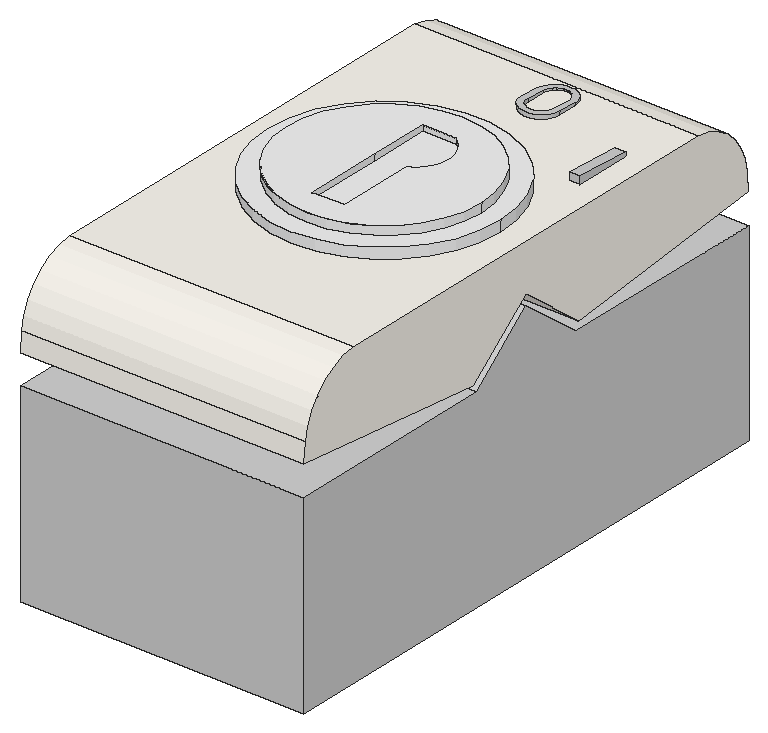
Revit family "Domotics-DomesticRanges-GEWISS-CHORUS_COMMAND-ONE-WAY_SWITCH_KEY", category Apparecchi elettrici, host Superficie, Revit 2016
Family settings
  Host = Superficie
  Mantenere orientamento annotazione = Sì
  Tipo di parte = Normale
  Quota connettore circolare = Usa diametro
  Numero OmniClass = 23.80.50.11.14
  Titolo OmniClass = Switches
  Taglio con vuoti quando caricato = Sì
  Condiviso = Sì
  Punto di calcolo locali = Sì
Parameters (values of type "GW14006 - Titanium")
  pULSANTE = GEWISS TITANIO
  Wiring terminals = "With screw"
  Voltage: = "250 V ac"
  Voltage = "250 V ac"
  Volt = 230 V
  Vista di pianta [instance] = yes
  Version file RFA = "19.0"
  URL = "https://www.gewiss.com/ww/en"
  Type = "With key"
  Tipo_ = CHORUS INTERRUTTORI CHIAVE_BASE : GW14006 - Titanio
  Thermo-pressure with ball = "125 °C"
  Terminal tightening capacity rigid cables (mm2) = "min. 0,5 - max. 2x2,5"
  Terminal tightening capacity flexible cables (mm2) = "min. 0,75 - max. 2x4"
  Terminal grip on cable traction = "> 50 N"
  Technical sheet = "https://www.gewiss.com/ww/en/search?q=GW14006"
  Symbol = "0/1"
  Standard; = "EN 60669-1"
  Simbolo_ = SIMBOLO INTERRUTTORI : INTCHIAVE
  SIMBOLO [instance] = yes
  SEO = "1 way switch"
  Resistance at test voltage = "2000 V at 50 Hz for 1 minute"
  Realized by GEWISS S.p.A. = ""
  Prolonged operation (no.of position changes) = "40.000 at In 250 V ac cosØ=0,6"
  Produttore = "GEWISS S.p.A."
  Offset interruttore [instance] = 0 mm
  Number of poles = "2P"
  No. Chorus modules = "1"
  N. poli = 1
  Modello = "GW14006"
  Larghezza pulsante = 23 mm
  Insulation resistance = "> 5 MOhm"
  IFC.TypeObject = ""
  IFC.ExportType = ""
  IFC.ExportAs = ""
  IDT = "6c00b33e-5c1c-435f-b859-dc2ad0e5119e"
  IDF = "71c5939a-4218-47ad-9853-4a7c84192bc9"
  Glow Wire Test = "850°C"
  Electrocod = "0130"
  EAN code = "8011564265363"
  Distanza_x [instance] = 0 mm
  Distanza_effettiva_x [instance] = 1500 mm - Distanza_x  # 1500 mm
  Ofset_bidimensionale [instance] = 2 mm
  Default Elevation = 1219.2 mm
  Immagine tipo = GW14006.jpg
  Descrizione = "1-WAY SWITCH, 1M 2P 10AX+KEY, TITANIUM"
  Description: = "2P - 10AX"
  Colour = "Titanium"
  Category = "One-way switch"
  Catalogue Range = "CHORUS - DOMESTIC RANGE"
  Catalogue = "DOMOTICS"
  Carico apparente = 0 VA
  COBie.Tagnumber = ""
  COBie.CreatedOn = ""
  COBie.CreatebBy = ""
  COBie.ComponentRegisterItemID = ""
  COBie.Component.TagNumber = ""
  COBie.Component.Space = ""
  COBie.Component.SerialNumber = ""
  COBie.Component.InstallationDate = ""
  COBie.Component.Description = ""
  COBie.Component.BarCode = ""
  Button key = "With key"
  Breaking capacity: = "1.25 In (200 position changes)"
Types (3, lengths in mm): name | pULSANTE | Tipo_ | Technical sheet | Modello | IDT | EAN code | Descrizione | Colour
  GW12006 - Black | GEWISS ACCIAIO NERO | CHORUS INTERRUTTORI CHIAVE_BASE : GW10006 - Bianco | "https://www.gewiss.com/ww/en/search?q=GW12006" | "GW12006" | "1f112e70-cdb2-4d21-ab00-a6a4f7f20c27" | "8011564265288" | "1-WAY SWITCH, 1M 2P 10AX+KEY, BLACK" | "Black"
  GW14006 - Titanium | GEWISS TITANIO | CHORUS INTERRUTTORI CHIAVE_BASE : GW14006 - Titanio | "https://www.gewiss.com/ww/en/search?q=GW14006" | "GW14006" | "6c00b33e-5c1c-435f-b859-dc2ad0e5119e" | "8011564265363" | "1-WAY SWITCH, 1M 2P 10AX+KEY, TITANIUM" | "Titanium"
  GW10006 - White | GEWISS ACCIAIO BIANCO | CHORUS INTERRUTTORI CHIAVE_BASE : GW10006 - Bianco | "https://www.gewiss.com/ww/en/search?q=GW10006" | "GW10006" | "702b5fb2-0bc6-40d7-898e-d88e6108d600" | "8011564261815" | "1-WAY SWITCH, 1M 2P 10AX+KEY, WHITE" | "White"
Reference planes
  plane 1 "Centro (Fronte/Retro)": y = 0
  plane 2: z = 0
  plane 3 "Centro (Sinistra/Destra)": x = 0
  plane 4: z = 0
  plane 5 "piano bidimensionale": z = 28
  plane 6: x = -11.5
  plane 7: x = 11.5
  plane 8: z = 26
  plane 9: x = -1500
  plane 10: x = 0
Lines and regions (mm)
  Masking region 1, visible <- "Vista di pianta"
    outline origin (0, 0, 0) x (1, 0, 0) y (0, 0, 1)
      loop
        line (-11.5, 26) -> (-11.5, 0) -> (11.5, 0) -> (11.5, 26) -> (-11.5, 26)
  Masking region 2, detail levels coarse
    outline origin (0, 0, 0) x (0, 1, 0) y (0, 0, 1)
      loop
        line (-22.5, 0) -> (22.5, 0) -> (22.5, 26) -> (-22.5, 26) -> (-22.5, 0)
  model lines, style "pulsanti", detail levels coarse
    curve 1: line (-11.5, 22.5, 28) -> (11.5, 22.5, 28)
    curve 2: line (-11.5, -22.5, 28) -> (-11.5, 22.5, 28)
    curve 3: line (11.5, -22.5, 28) -> (-11.5, -22.5, 28)
    curve 4: line (11.5, 22.5, 28) -> (11.5, -22.5, 28)
    curve 5: arc (-9.447, 0, 28) -> (0, -9.447, 28) -> (9.447, 0, 28) r 9.447
    curve 6: arc (-7.891, 0, 28) -> (0, -7.891, 28) -> (7.891, 0, 28) r 7.891
    curve 7: arc (7.891, 0, 28) -> (0, 7.891, 28) -> (-7.891, 0, 28) r 7.891
    curve 8: arc (9.447, 0, 28) -> (0, 9.447, 28) -> (-9.447, 0, 28) r 9.447
    curve 9: arc (1.321, 0.666, 28) -> (2.778, 3.111, 28) -> (1.32, 5.555, 28) r 2.778
    curve 10: line (1.32, 5.555, 28) -> (-1.32, 5.555, 28)
    curve 11: line (-1.32, 5.555, 28) -> (-1.32, 0.665, 28)
    curve 12: line (-1.32, 0.665, 28) -> (-1.32, -5.649, 28)
    curve 13: line (1.321, -5.649, 28) -> (1.321, 0.666, 28)
    curve 14: line (-1.32, -5.649, 28) -> (1.321, -5.649, 28)
    curve 29: line (9.076, 12.461, 28) -> (9.076, 8.024, 28)
    curve 30: line (-0.185, 15.781, 28) -> (-0.185, 13.969, 28)
    curve 31: line (2.884, 15.781, 28) -> (2.884, 13.969, 28)
    curve 32: arc (-0.185, 15.781, 28) -> (1.35, 17.316, 28) -> (2.884, 15.781, 28) r 1.534
    curve 33: arc (-0.185, 13.969, 28) -> (1.35, 12.435, 28) -> (2.884, 13.969, 28) r 1.534
  model lines, style "pulsanti", not visible, detail levels coarse
    curve 15: line (-11.5, 22.5, 38.878) -> (11.5, 22.5, 38.878)
    curve 16: line (-11.5, -22.5, 38.878) -> (-11.5, 22.5, 38.878)
    curve 17: line (11.5, -22.5, 38.878) -> (-11.5, -22.5, 38.878)
    curve 18: line (11.5, 22.5, 38.878) -> (11.5, -22.5, 38.878)
    curve 19: arc (-9.447, 0, 38.878) -> (0, -9.447, 38.878) -> (9.447, 0, 38.878) r 9.447
    curve 20: arc (-7.891, 0, 38.878) -> (0, -7.891, 38.878) -> (7.891, 0, 38.878) r 7.891
    curve 21: arc (7.891, 0, 38.878) -> (0, 7.891, 38.878) -> (-7.891, 0, 38.878) r 7.891
    curve 22: arc (9.447, 0, 38.878) -> (0, 9.447, 38.878) -> (-9.447, 0, 38.878) r 9.447
    curve 23: arc (1.321, 0.666, 38.878) -> (2.778, 3.111, 38.878) -> (1.32, 5.555, 38.878) r 2.778
    curve 24: line (1.32, 5.555, 38.878) -> (-1.32, 5.555, 38.878)
    curve 25: line (-1.32, 5.555, 38.878) -> (-1.32, 0.665, 38.878)
    curve 26: line (-1.32, 0.665, 38.878) -> (-1.32, -5.649, 38.878)
    curve 27: line (1.321, -5.649, 38.878) -> (1.321, 0.666, 38.878)
    curve 28: line (-1.32, -5.649, 38.878) -> (1.321, -5.649, 38.878)
    curve 34: line (9.076, 12.461, 38.878) -> (9.076, 8.024, 38.878)
    curve 35: line (-0.185, 15.781, 38.878) -> (-0.185, 13.969, 38.878)
    curve 36: line (2.884, 15.781, 38.878) -> (2.884, 13.969, 38.878)
    curve 37: arc (-0.185, 15.781, 38.878) -> (1.35, 17.316, 38.878) -> (2.884, 15.781, 38.878) r 1.534
    curve 38: arc (-0.185, 13.969, 38.878) -> (1.35, 12.435, 38.878) -> (2.884, 13.969, 38.878) r 1.534
Dimensions and locks
  equal spacing: plane 6, plane 3 "Centro (Sinistra/Destra)", plane 7
  "Larghezza pulsante": plane 6 to plane 7
  locked: plane 8 to plane 4 at 26
  plane 9 to plane 3 "Centro (Sinistra/Destra)" = 1500 mm
  "Distanza_effettiva_x": plane 9 to plane 10
  "Offset interruttore": plane 4 to host face
  "Ofset_bidimensionale": plane 5 "piano bidimensionale" to plane 8
  aligned and locked: plane 2 to host face
  aligned and locked: level to host face
  aligned and locked: plane 5 "piano bidimensionale" to curve 4
  aligned and locked: nested 1 to plane 4
  aligned and locked: Masking region 1 sketch curve to plane 8
  aligned and locked: plane 6 to Masking region 1 sketch curve
  aligned and locked: plane 4 to Masking region 1 sketch curve
  aligned and locked: Masking region 1 sketch curve to nested 1
  aligned and locked: plane 10 to nested 2
  aligned and locked: Masking region 2 sketch curve to nested 1  (x2)
  aligned and locked: Masking region 2 sketch curve to plane 8
  aligned and locked: Masking region 2 sketch curve to plane 4
Automatic sketch dimensions
  host sketch curve to host sketch curve = 2438.4 mm  (x2)
  curve 5 to curve 6 = 0 mm  (x3)
  curve 5 to curve 7 = 0 mm  (x3)
  curve 1 to curve 32 = 6.719 mm
  curve 32 to curve 33 = 1.812 mm
  curve 33 to curve 11 = 8.414 mm
  curve 10 to curve 9 = 2.445 mm
  curve 9 to curve 13 = 2.444 mm
  curve 9 to curve 12 = 0.001 mm
  curve 11 to curve 8 = 0.665 mm
  curve 5 to curve 14 = 5.649 mm
  curve 13 to curve 3 = 16.851 mm
  curve 1 to curve 10 = 10.18 mm
  curve 10 to curve 30 = 1.135 mm
  curve 11 to curve 7 = 1.32 mm
  curve 10 to curve 9 = 1.32 mm
  curve 10 to curve 10 = 2.639 mm
  curve 30 to curve 33 = 1.534 mm
  curve 13 to curve 3 = 10.179 mm
  curve 31 to curve 29 = 1.508 mm
  curve 29 to curve 29 = 4.437 mm
  curve 5 to curve 11 = 8.127 mm
  curve 8 to curve 6 = 1.556 mm
  curve 31 to curve 29 = 6.192 mm
  curve 5 to curve 8 = 0 mm  (x2)
  curve 6 to curve 7 = 0 mm  (x2)
  curve 6 to curve 8 = 0 mm  (x2)
  curve 7 to curve 8 = 0 mm  (x2)
  curve 19 to curve 20 = 0 mm  (x3)
  curve 19 to curve 21 = 0 mm  (x3)
  curve 15 to curve 37 = 6.719 mm
  curve 37 to curve 38 = 1.812 mm
  curve 38 to curve 25 = 8.414 mm
  curve 24 to curve 23 = 2.445 mm
  curve 23 to curve 27 = 2.444 mm
  curve 23 to curve 26 = 0.001 mm
  curve 25 to curve 22 = 0.665 mm
  curve 19 to curve 28 = 5.649 mm
  curve 27 to curve 17 = 16.851 mm
  curve 15 to curve 24 = 10.18 mm
  curve 24 to curve 35 = 1.135 mm
  curve 25 to curve 21 = 1.32 mm
  curve 24 to curve 23 = 1.32 mm
  curve 24 to curve 24 = 2.639 mm
  curve 35 to curve 38 = 1.534 mm
  curve 27 to curve 17 = 10.179 mm
  curve 36 to curve 34 = 1.508 mm
  curve 34 to curve 34 = 4.437 mm
  curve 19 to curve 25 = 8.127 mm
  curve 22 to curve 20 = 1.556 mm
  curve 36 to curve 34 = 6.192 mm
  curve 19 to curve 22 = 0 mm  (x2)
  curve 20 to curve 21 = 0 mm  (x2)
  curve 20 to curve 22 = 0 mm  (x2)
  curve 21 to curve 22 = 0 mm  (x2)
Nested families
  nested 1: "CHORUS INTERRUTTORI CHIAVE_BASE" at (0, 0, 0), type <- "Tipo_", visible <- "Vista di pianta", type "GW14006 - Titanio", detail levels medium+fine
  nested 2: "SIMBOLO INTERRUTTORI" at (0, 50, 0), type <- "Simbolo_", SIMBOLO <- "SIMBOLO", visible <- "SIMBOLO", type "INTCHIAVE"
    with Distanza dal muro 4.208 mm, BORDO ACCESO yes
Connectors
  electrical at (0, 0, 0), driven by "N. poli", driven by "Volt", driven by "Carico apparente"
    settings: on nested 1, index 1, voltage 230 V, apparent load 0 VA, apparent load phase1 0 VA, apparent load phase2 0 VA, apparent load phase3 0 VA, power factor 1, load classification "Other", number of poles 1, system type 31, power factor state 1, is connector primary yes, connector utility no, sub classification motor no, connector description ""
Definition of nested family "CHORUS INTERRUTTORI CHIAVE_BASE"
  Parameters (values of type "GW14006 - Titanio")
    Supporto = none
    Simboli Accensione = none
    Pulsante = none
    Profondità suporto = 15.673 mm
    Larghezza pulsante = 23 mm
    Chiave = none
    Bidimensionale = 36.414 mm
    Altezza pulsante = 45 mm
  Types (3): name
    GW12006 - Nero
    GW14006 - Titanio
    GW10006 - Bianco
  Reference planes
    plane 1 "Centro (Fronte/Retro)": y = 0
    plane 2: z = 0
    plane 3 "Centro (Sinistra/Destra)": x = 0
    plane 4: y = -22.5
    plane 5: y = 22.5
    plane 6: x = -11.5
    plane 7: x = 11.5
    plane 8: z = 15.673
    plane 9 "PIANO BIDIMENSIONALE": z = 36.414
    plane 10: z = 25.218
  Forms (mm)
    Extrusion 1, solid, material <- "Supporto"
      sketch origin (0, 0, 0) x (0, 1, 0) y (0, 0, 1)
        loop
          line (-22.5, 0) -> (22.5, 0) -> (22.5, 15.673) -> (5, 15.673) -> (0, 19.673) -> (-5, 15.673) -> (-22.5, 15.673) -> (-22.5, 0)
      from -11.5 to 11.5
    Extrusion 2, solid, material <- "Pulsante"
      sketch origin (0, -1.516, 0.116) x (0, 0.994522, -0.104528) y (0, 0.104528, 0.994522)
        loop
          line (-22.747, 15.673) -> (-5.514, 15.673) -> (-0.63, 20.499) -> (5.151, 16.793) -> (22.007, 20.376) -> (21.688, 21.878)
          arc (21.688, 21.878) -> (19.794, 24.951) -> (16.382, 26.13) r 5.368
          arc (16.382, 26.13) -> (-1.116, 25.123) -> (-18.441, 22.47) r 185.543
          arc (-18.441, 22.47) -> (-21.533, 20.607) -> (-22.747, 17.207) r 5.368
          line (-22.747, 17.207) -> (-22.747, 15.673)
      from -11.5 to 11.5
    Extrusion 3, solid, material <- "Pulsante", not visible, detail levels medium+fine
      sketch origin (0, 0, 0) x (0, 1, 0) y (0, 0, 1)
        loop
          line (-22.5, 15.673) -> (-5.8, 15.673) -> (0, 20.313) -> (6.657, 17.02) -> (22.519, 20.482) -> (22.148, 22.183)
          arc (22.148, 22.183) -> (19.948, 25.458) -> (16.125, 26.433) r 5.53
          arc (16.125, 26.433) -> (-1.159, 25.53) -> (-18.194, 22.47) r 137.99
          arc (-18.194, 22.47) -> (-21.286, 20.607) -> (-22.5, 17.207) r 5.368
          line (-22.5, 17.207) -> (-22.5, 15.673)
      from -11.5 to 11.5
    Extrusion 4, void, not visible, detail levels medium+fine
      sketch origin (0, 0, 0) x (0, 1, 0) y (0, 0, 1)
        loop
          arc (-20, 19.947) -> (-16.844, 20.738) -> (-13.67, 21.455) r 135.99
          line (-13.67, 21.455) -> (-13.67, 23.499)
          arc (-13.67, 23.499) -> (-15.936, 23.003) -> (-18.194, 22.47) r 137.99
          arc (-18.194, 22.47) -> (-19.13, 22.19) -> (-20, 21.745) r 5.368
          line (-20, 21.745) -> (-20, 19.947)
      from 3.779 to 10.113
    Extrusion 5, solid, material <- "Pulsante", not visible, detail levels medium+fine
      sketch origin (0, -125, 0) x (0, 1, 0) y (0, 0, 1)
        loop
          line (-22.5, 15.673) -> (-5.8, 15.673) -> (0, 20.313) -> (6.657, 17.02) -> (22.519, 20.482) -> (22.148, 22.183)
          arc (22.148, 22.183) -> (19.948, 25.458) -> (16.125, 26.433) r 5.53
          arc (16.125, 26.433) -> (-1.159, 25.53) -> (-18.194, 22.47) r 137.99
          arc (-18.194, 22.47) -> (-21.286, 20.607) -> (-22.5, 17.207) r 5.368
          line (-22.5, 17.207) -> (-22.5, 15.673)
      from -11.5 to 11.5
    Extrusion 6, void, not visible
      sketch origin (0, -125, 0) x (0, 1, 0) y (0, 0, 1)
        loop
          arc (-6.8, 24.76) -> (-12.521, 23.735) -> (-18.194, 22.47) r 137.99
          arc (-18.194, 22.47) -> (-19.13, 22.19) -> (-20, 21.745) r 5.368
          line (-20, 21.745) -> (-20, 19.947)
          arc (-20, 19.947) -> (-13.435, 21.505) -> (-6.8, 22.735) r 135.99
          line (-6.8, 22.735) -> (-6.8, 24.76)
      from 5.4 to 8.1
    Extrusion 7, solid, not visible, detail levels medium+fine
      sketch origin (0, -125, 0) x (0, 1, 0) y (0, 0, 1)
        loop
          arc (-20, 19.947) -> (-13.435, 21.505) -> (-6.8, 22.735) r 135.99
          line (-6.8, 22.735) -> (-6.8, 23.748)
          arc (-6.8, 23.748) -> (-13.434, 22.527) -> (-20, 20.98) r 136.99
          line (-20, 20.98) -> (-20, 19.947)
      from 5.4 to 8.1
    Extrusion 8, solid, material <- "Chiave"
      sketch origin (0, 0, 36.414) x (-1, 0, 0) y (0, -1, 0)
        loop
          circle (0, 0) r 9.447
      from -13.105 to -11.196
    Extrusion 9, solid, material <- "Chiave"
      sketch origin (0, 0, 36.414) x (-1, 0, 0) y (0, -1, 0)
        loop
          circle (0, 0) r 7.891
      from -11.196 to -10.5
    Extrusion 10, void, detail levels medium+fine
      sketch origin (0, 0, 36.414) x (-1, 0, 0) y (0, -1, 0)
        loop
          line (-1.321, 5.649) -> (-1.321, -0.666)
          arc (-1.321, -0.666) -> (-2.778, -3.111) -> (-1.32, -5.555) r 2.778
          line (-1.32, -5.555) -> (1.32, -5.555) -> (1.32, -0.665) -> (1.32, 5.649) -> (-1.321, 5.649)
      from -10.942 to -10.5
    Extrusion 11, solid, material <- "Chiave", not visible
      sketch origin (0, 0, 36.414) x (-1, 0, 0) y (0, -1, 0)
        loop
          circle (0, 0) r 9.447
      from -13.105 to -11.196
    Extrusion 12, solid, material <- "Chiave", not visible
      sketch origin (0, 0, 36.414) x (-1, 0, 0) y (0, -1, 0)
        loop
          circle (0, 0) r 7.891
      from -11.196 to -10.5
    Extrusion 13, void, not visible
      sketch origin (0, 0, 36.414) x (-1, 0, 0) y (0, -1, 0)
        loop
          line (-1.321, 5.649) -> (-1.321, -0.666)
          arc (-1.321, -0.666) -> (-2.778, -3.111) -> (-1.32, -5.555) r 2.778
          line (-1.32, -5.555) -> (1.32, -5.555) -> (1.32, -0.665) -> (1.32, 5.649) -> (-1.321, 5.649)
      from -10.566 to -10
    Extrusion 14, solid, material <- "Simboli Accensione", detail levels medium+fine
      sketch origin (0, 0.707, 37.121) x (-1, 0, 0) y (0, -0.998308, 0.058153)
        loop
          arc (-2.904, -15.677) -> (-1.361, -17.22) -> (0.182, -15.677) r 1.543
          line (0.182, -15.677) -> (0.182, -14.134)
          arc (0.182, -14.134) -> (-1.361, -12.591) -> (-2.904, -14.134) r 1.543
          line (-2.904, -14.134) -> (-2.904, -15.677)
        loop
          line (-0.318, -15.677) -> (-0.318, -14.134)
          arc (-0.318, -14.134) -> (-1.361, -13.091) -> (-2.404, -14.134) r 1.043
          line (-2.404, -14.134) -> (-2.404, -15.677)
          arc (-2.404, -15.677) -> (-1.361, -16.72) -> (-0.318, -15.677) r 1.043
        loop
          line (-9.529, -12.5) -> (-8.686, -12.5) -> (-8.686, -7.93) -> (-9.529, -7.93) -> (-9.529, -12.5)
      from -12.608 to -11.705
  Cuts and joins
    Extrusion 10 cuts Extrusion 9
  Lines and regions (mm)
    Masking region 1, not visible
      outline origin (40.306, 0, 36.414) x (-1, 0, 0) y (0, -1, 0)
        loop
          line (51.806, -22.5) -> (51.806, 22.5) -> (28.806, 22.5) -> (28.806, -22.5) -> (51.806, -22.5)
        loop
          line (34.906, 6.8) -> (34.906, 20) -> (32.206, 20) -> (32.206, 6.8) -> (34.906, 6.8)
    Masking region 2, not visible
      outline origin (40.306, 0, 36.414) x (-1, 0, 0) y (0, -1, 0)
        loop
          line (34.906, 6.8) -> (34.906, 20) -> (32.206, 20) -> (32.206, 6.8) -> (34.906, 6.8)
    Masking region 3, not visible
      outline origin (0, 0, 36.414) x (-1, 0, 0) y (0, -1, 0)
        loop
          line (51.806, -22.5) -> (51.806, 22.5) -> (28.806, 22.5) -> (28.806, -22.5) -> (51.806, -22.5)
        loop
          line (36.528, 13.67) -> (36.528, 20.004) -> (30.193, 20.004) -> (30.193, 13.67) -> (36.528, 13.67)
    Masking region 4, not visible
      outline origin (0, 0, 36.414) x (-1, 0, 0) y (0, -1, 0)
        loop
          line (36.528, 13.67) -> (36.528, 20.004) -> (30.193, 20.004) -> (30.193, 13.67) -> (36.528, 13.67)
    Masking region 5
      outline origin (37.181, 0, 36.414) x (-1, 0, 0) y (0, -1, 0)
        loop
          circle (37.181, 0) r 9.447
        loop
          circle (37.181, 0) r 7.891
    Masking region 6
      outline origin (37.181, 0, 36.414) x (-1, 0, 0) y (0, -1, 0)
        loop
          circle (37.181, 0) r 7.891
        loop
          line (38.501, -0.665) -> (38.501, 5.649) -> (35.86, 5.649) -> (35.86, -0.666)
          arc (35.86, -0.666) -> (34.403, -3.111) -> (35.862, -5.555) r 2.778
          line (35.862, -5.555) -> (38.501, -5.555) -> (38.501, -0.665)
    Masking region 7
      outline origin (37.181, 0, 36.414) x (-1, 0, 0) y (0, -1, 0)
        loop
          line (38.501, -5.555) -> (38.501, -0.665) -> (38.501, 5.649) -> (35.86, 5.649) -> (35.86, -0.666)
          arc (35.86, -0.666) -> (34.403, -3.111) -> (35.862, -5.555) r 2.778
          line (35.862, -5.555) -> (38.501, -5.555)
    Masking region 8
      outline origin (0, 0, 36.414) x (-1, 0, 0) y (0, -1, 0)
        loop
          line (11.5, -22.5) -> (11.5, 22.5) -> (-11.5, 22.5) -> (-11.5, -22.5) -> (11.5, -22.5)
        loop
          circle (0, 0) r 9.447
        loop
          arc (0.182, -14.134) -> (-1.361, -12.591) -> (-2.904, -14.134) r 1.543
          line (-2.904, -14.134) -> (-2.904, -15.677)
          arc (-2.904, -15.677) -> (-1.361, -17.22) -> (0.182, -15.677) r 1.543
          line (0.182, -15.677) -> (0.182, -14.134)
        loop
          arc (-2.404, -15.677) -> (-1.361, -16.72) -> (-0.318, -15.677) r 1.043
          line (-0.318, -15.677) -> (-0.318, -14.134)
          arc (-0.318, -14.134) -> (-1.361, -13.091) -> (-2.404, -14.134) r 1.043
          line (-2.404, -14.134) -> (-2.404, -15.677)
        loop
          line (-8.686, -12.5) -> (-8.686, -7.93) -> (-9.529, -7.93) -> (-9.529, -12.5) -> (-8.686, -12.5)
    Masking region 9
      outline origin (0, 0, 36.414) x (-1, 0, 0) y (0, -1, 0)
        loop
          line (0.182, -15.677) -> (0.182, -14.134)
          arc (0.182, -14.134) -> (-1.361, -12.591) -> (-2.904, -14.134) r 1.543
          line (-2.904, -14.134) -> (-2.904, -15.677)
          arc (-2.904, -15.677) -> (-1.361, -17.22) -> (0.182, -15.677) r 1.543
        loop
          arc (-0.318, -14.134) -> (-1.361, -13.091) -> (-2.404, -14.134) r 1.043
          line (-2.404, -14.134) -> (-2.404, -15.677)
          arc (-2.404, -15.677) -> (-1.361, -16.72) -> (-0.318, -15.677) r 1.043
          line (-0.318, -15.677) -> (-0.318, -14.134)
        loop
          line (-8.686, -12.5) -> (-8.686, -7.93) -> (-9.529, -7.93) -> (-9.529, -12.5) -> (-8.686, -12.5)
  Dimensions and locks
    equal spacing: plane 4, plane 1 "Centro (Fronte/Retro)", plane 5
    plane 4 to plane 5 = 45 mm
    equal spacing: plane 6, plane 3 "Centro (Sinistra/Destra)", plane 7
    "Larghezza pulsante": plane 6 to plane 7
    equal spacing: plane 5, plane 1 "Centro (Fronte/Retro)", plane 4
    "Altezza pulsante": plane 5 to plane 4
    "Profondità suporto": plane 8 to plane 2
    "Bidimensionale": plane 9 "PIANO BIDIMENSIONALE" to level
    aligned and locked: level to plane 2
    aligned and locked: Extrusion 1 sketch curve to plane 4
    aligned and locked: plane 5 to Extrusion 1 sketch curve
    aligned and locked: Extrusion 1 sketch curve to plane 2
    aligned and locked: Extrusion 1 to plane 6
    aligned and locked: plane 7 to Extrusion 1
    aligned and locked: Masking region 8 sketch curve to Extrusion 1  (x4)
    aligned and locked: Extrusion 8 to plane 10
    aligned and locked: Extrusion 9 to Extrusion 8
    aligned and locked: Extrusion 9 to Extrusion 10
  Automatic sketch dimensions
    Masking region 1 sketch curve to Masking region 1 sketch curve = 3.4 mm
    Masking region 1 sketch curve to Masking region 1 sketch curve = 2.7 mm
    Masking region 2 sketch curve to Masking region 2 sketch curve = 2.7 mm
    Masking region 1 sketch curve to Masking region 1 sketch curve = 23 mm
    Masking region 1 sketch curve to Masking region 1 sketch curve = 29.3 mm
    Masking region 1 sketch curve to Masking region 1 sketch curve = 13.2 mm
    Masking region 1 sketch curve to Masking region 1 sketch curve = 2.5 mm
    Masking region 2 sketch curve to Masking region 2 sketch curve = 13.2 mm
    Masking region 3 sketch curve to Masking region 3 sketch curve = 1.387 mm
    Masking region 3 sketch curve to Masking region 3 sketch curve = 6.335 mm  (x2)
    Masking region 3 sketch curve to Masking region 3 sketch curve = 23 mm
    Masking region 4 sketch curve to Masking region 4 sketch curve = 6.335 mm  (x2)
    Masking region 3 sketch curve to Masking region 3 sketch curve = 36.17 mm
    Masking region 3 sketch curve to Masking region 3 sketch curve = 2.496 mm
    plane 8 to Extrusion 1 sketch curve = 0 mm  (x2)
    Extrusion 1 sketch curve to plane 1 "Centro (Fronte/Retro)" = 0 mm
    Extrusion 1 sketch curve to plane 1 "Centro (Fronte/Retro)" = 5 mm
    Extrusion 1 sketch curve to plane 8 = 4 mm
    Extrusion 3 sketch curve to Extrusion 3 sketch curve = 1.243 mm
    Extrusion 4 sketch curve to Extrusion 4 sketch curve = 1.754 mm
    Extrusion 4 sketch curve to Extrusion 4 sketch curve = 0 mm  (x4)
    Extrusion 3 sketch curve to Extrusion 3 sketch curve = 5.368 mm
    Extrusion 3 sketch curve to Extrusion 3 sketch curve = 11.331 mm
    Extrusion 3 sketch curve to Extrusion 3 sketch curve = 5.8 mm
    Extrusion 3 sketch curve to Extrusion 3 sketch curve = 6.657 mm
    Extrusion 3 sketch curve to Extrusion 3 sketch curve = 8.016 mm
    Extrusion 3 sketch curve to Extrusion 3 sketch curve = 10.103 mm
    Extrusion 3 sketch curve to Extrusion 3 sketch curve = 5.388 mm
    Extrusion 3 sketch curve to Extrusion 3 sketch curve = 0.371 mm
    Extrusion 3 sketch curve to Extrusion 3 sketch curve = 127.222 mm
    Extrusion 3 sketch curve to Extrusion 3 sketch curve = 1.347 mm
    Extrusion 3 sketch curve to Extrusion 3 sketch curve = 1.535 mm
    Extrusion 3 sketch curve to Extrusion 3 sketch curve = 3.293 mm
    Extrusion 3 sketch curve to Extrusion 3 sketch curve = 3.462 mm
    Extrusion 3 sketch curve to Extrusion 3 sketch curve = 1.062 mm
    Extrusion 4 sketch curve to Extrusion 4 sketch curve = 2.868 mm
    Extrusion 4 sketch curve to Extrusion 4 sketch curve = 6.33 mm
    Extrusion 4 sketch curve to Extrusion 4 sketch curve = 31.805 mm
    Extrusion 4 sketch curve to Extrusion 4 sketch curve = 128.756 mm
    Extrusion 4 sketch curve to Extrusion 4 sketch curve = 2.739 mm
    Extrusion 4 sketch curve to Extrusion 4 sketch curve = 1.799 mm
    Extrusion 5 sketch curve to Extrusion 5 sketch curve = 1.243 mm
    Extrusion 7 sketch curve to Extrusion 7 sketch curve = 1.013 mm
    Extrusion 7 sketch curve to Extrusion 7 sketch curve = 0 mm  (x4)
    Extrusion 5 sketch curve to Extrusion 5 sketch curve = 5.368 mm
    Extrusion 5 sketch curve to Extrusion 5 sketch curve = 11.331 mm
    Extrusion 5 sketch curve to Extrusion 5 sketch curve = 5.8 mm
    Extrusion 5 sketch curve to Extrusion 5 sketch curve = 6.657 mm
    Extrusion 5 sketch curve to Extrusion 5 sketch curve = 8.016 mm
    Extrusion 5 sketch curve to Extrusion 5 sketch curve = 10.103 mm
    Extrusion 5 sketch curve to Extrusion 5 sketch curve = 5.388 mm
    Extrusion 5 sketch curve to Extrusion 5 sketch curve = 0.371 mm
    Extrusion 5 sketch curve to Extrusion 5 sketch curve = 127.222 mm
    Extrusion 5 sketch curve to Extrusion 5 sketch curve = 1.347 mm
    Extrusion 5 sketch curve to Extrusion 5 sketch curve = 1.535 mm
    Extrusion 5 sketch curve to Extrusion 5 sketch curve = 3.293 mm
    Extrusion 5 sketch curve to Extrusion 5 sketch curve = 3.462 mm
    Extrusion 5 sketch curve to Extrusion 5 sketch curve = 1.062 mm
    Extrusion 7 sketch curve to Extrusion 7 sketch curve = 13.2 mm
    Extrusion 7 sketch curve to Extrusion 7 sketch curve = 34.673 mm
    Extrusion 7 sketch curve to Extrusion 7 sketch curve = 131.496 mm
    Extrusion 6 sketch curve to Extrusion 6 sketch curve = 0 mm  (x4)
    Extrusion 6 sketch curve to Extrusion 6 sketch curve = 2.739 mm
    Extrusion 6 sketch curve to Extrusion 6 sketch curve = 1.799 mm
    Extrusion 6 sketch curve to Extrusion 6 sketch curve = 2.025 mm
    Extrusion 6 sketch curve to Extrusion 6 sketch curve = 2.868 mm
    Extrusion 6 sketch curve to Extrusion 6 sketch curve = 10.332 mm
    Extrusion 6 sketch curve to Extrusion 6 sketch curve = 31.805 mm
    Extrusion 6 sketch curve to Extrusion 6 sketch curve = 128.756 mm
    plane 1 "Centro (Fronte/Retro)" to Extrusion 1 sketch curve = 5 mm
    Extrusion 2 sketch curve to plane 4 = 0 mm
    Extrusion 2 sketch curve to plane 1 "Centro (Fronte/Retro)" = 0 mm  (x2)
    Extrusion 2 sketch curve to plane 5 = 0 mm
    Extrusion 2 sketch curve to plane 8 = 2.408 mm
    Extrusion 2 sketch curve to Extrusion 2 sketch curve = 5.368 mm
    Extrusion 2 sketch curve to Extrusion 2 sketch curve = 4.884 mm
    Extrusion 2 sketch curve to Extrusion 2 sketch curve = 5.781 mm
    Extrusion 2 sketch curve to Extrusion 2 sketch curve = 5.251 mm
    Extrusion 2 sketch curve to Extrusion 2 sketch curve = 0.319 mm
    Extrusion 2 sketch curve to Extrusion 2 sketch curve = 3.706 mm
    Extrusion 2 sketch curve to Extrusion 2 sketch curve = 1.535 mm
    Extrusion 2 sketch curve to Extrusion 2 sketch curve = 1.116 mm
    Extrusion 2 sketch curve to Extrusion 2 sketch curve = 1.062 mm
    Extrusion 2 sketch curve to Extrusion 2 sketch curve = 0.055 mm
    Extrusion 2 sketch curve to Extrusion 2 sketch curve = 0 mm  (x2)
    plane 1 "Centro (Fronte/Retro)" to Masking region 6 sketch curve = 0 mm
    plane 6 to Masking region 6 sketch curve = 11.5 mm
    Masking region 6 sketch curve to Masking region 6 sketch curve = 7.891 mm
    Masking region 6 sketch curve to plane 1 "Centro (Fronte/Retro)" = 0.665 mm
    Masking region 6 sketch curve to Masking region 6 sketch curve = 1.32 mm  (x2)
    plane 1 "Centro (Fronte/Retro)" to Masking region 6 sketch curve = 5.649 mm
    Masking region 6 sketch curve to Masking region 6 sketch curve = 2.639 mm
    Masking region 6 sketch curve to Masking region 6 sketch curve = 2.445 mm
    Masking region 6 sketch curve to plane 1 "Centro (Fronte/Retro)" = 0.666 mm
    Masking region 6 sketch curve to Masking region 6 sketch curve = 2.641 mm
    Masking region 7 sketch curve to plane 1 "Centro (Fronte/Retro)" = 5.555 mm
    plane 6 to Masking region 7 sketch curve = 10.18 mm
    Masking region 7 sketch curve to Masking region 7 sketch curve = 2.639 mm
    Masking region 7 sketch curve to plane 1 "Centro (Fronte/Retro)" = 0.665 mm
    plane 1 "Centro (Fronte/Retro)" to Masking region 7 sketch curve = 5.649 mm
    Masking region 7 sketch curve to Masking region 7 sketch curve = 2.641 mm
    Masking region 7 sketch curve to plane 1 "Centro (Fronte/Retro)" = 0.666 mm
    Masking region 7 sketch curve to Masking region 7 sketch curve = 1.32 mm
    Extrusion 10 sketch curve to Extrusion 10 sketch curve = 2.444 mm
    Extrusion 8 sketch curve to Extrusion 8 sketch curve = 9.447 mm
    Extrusion 9 sketch curve to Extrusion 9 sketch curve = 7.891 mm
    Extrusion 10 sketch curve to Extrusion 10 sketch curve = 0.002 mm
    Extrusion 10 sketch curve to Extrusion 10 sketch curve = 1.32 mm
    Extrusion 10 sketch curve to Extrusion 10 sketch curve = 2.639 mm
    Extrusion 10 sketch curve to Extrusion 10 sketch curve = 0.001 mm
    Extrusion 10 sketch curve to Extrusion 10 sketch curve = 6.315 mm
    Extrusion 13 sketch curve to Extrusion 13 sketch curve = 2.444 mm
    Extrusion 11 sketch curve to Extrusion 11 sketch curve = 9.447 mm
    Extrusion 12 sketch curve to Extrusion 12 sketch curve = 7.891 mm
    Extrusion 13 sketch curve to Extrusion 13 sketch curve = 0.002 mm
    Extrusion 13 sketch curve to Extrusion 13 sketch curve = 1.32 mm
    Extrusion 13 sketch curve to Extrusion 13 sketch curve = 2.639 mm
    Extrusion 13 sketch curve to Extrusion 13 sketch curve = 0.001 mm
    Extrusion 13 sketch curve to Extrusion 13 sketch curve = 6.315 mm
    Extrusion 8 sketch curve to Extrusion 8 sketch curve = 0 mm  (x2)
    plane 1 "Centro (Fronte/Retro)" to Extrusion 8 sketch curve = 0 mm
    Extrusion 8 sketch curve to plane 3 "Centro (Sinistra/Destra)" = 0 mm
    Extrusion 9 sketch curve to Extrusion 9 sketch curve = 0 mm  (x2)
    plane 1 "Centro (Fronte/Retro)" to Extrusion 9 sketch curve = 0 mm
    Extrusion 9 sketch curve to plane 3 "Centro (Sinistra/Destra)" = 0 mm
    Extrusion 10 sketch curve to plane 3 "Centro (Sinistra/Destra)" = 0 mm
    Extrusion 10 sketch curve to plane 1 "Centro (Fronte/Retro)" = 5.555 mm
    Extrusion 11 sketch curve to Extrusion 11 sketch curve = 0 mm  (x2)
    Extrusion 12 sketch curve to Extrusion 12 sketch curve = 0 mm  (x2)
    Masking region 9 sketch curve to plane 3 "Centro (Sinistra/Destra)" = 0.182 mm
    Masking region 9 sketch curve to plane 5 = 6.823 mm
    Masking region 9 sketch curve to Masking region 9 sketch curve = 1.543 mm
    plane 3 "Centro (Sinistra/Destra)" to Masking region 9 sketch curve = 1.361 mm
    Masking region 9 sketch curve to Masking region 9 sketch curve = 0 mm  (x3)
    plane 3 "Centro (Sinistra/Destra)" to Masking region 9 sketch curve = 0.318 mm
    Masking region 8 sketch curve to Masking region 8 sketch curve = 0 mm  (x3)
    plane 1 "Centro (Fronte/Retro)" to Masking region 8 sketch curve = 0 mm
    Masking region 8 sketch curve to plane 3 "Centro (Sinistra/Destra)" = 0 mm
    Masking region 8 sketch curve to plane 7 = 1.971 mm
    Masking region 8 sketch curve to Masking region 8 sketch curve = 0.844 mm
    plane 3 "Centro (Sinistra/Destra)" to Masking region 8 sketch curve = 2.904 mm
    Masking region 8 sketch curve to Masking region 8 sketch curve = 0.5 mm
    Masking region 8 sketch curve to Masking region 8 sketch curve = 1.043 mm
    Masking region 8 sketch curve to plane 5 = 6.823 mm
    Masking region 8 sketch curve to Masking region 8 sketch curve = 1.543 mm
    Masking region 8 sketch curve to plane 1 "Centro (Fronte/Retro)" = 7.93 mm
    Masking region 8 sketch curve to plane 7 = 2.053 mm
    Masking region 8 sketch curve to Masking region 8 sketch curve = 4.57 mm
    Masking region 9 sketch curve to plane 7 = 2.814 mm
    Masking region 9 sketch curve to Masking region 9 sketch curve = 1.634 mm
    Masking region 9 sketch curve to Masking region 9 sketch curve = 0.844 mm
    Masking region 9 sketch curve to Masking region 9 sketch curve = 4.57 mm
    Extrusion 14 sketch curve to Extrusion 14 sketch curve = 0 mm  (x4)
    Extrusion 14 sketch curve to plane 7 = 1.971 mm
    Extrusion 14 sketch curve to Extrusion 14 sketch curve = 0.844 mm
    plane 3 "Centro (Sinistra/Destra)" to Extrusion 14 sketch curve = 2.904 mm
    Extrusion 14 sketch curve to Extrusion 14 sketch curve = 0.5 mm
    Extrusion 14 sketch curve to Extrusion 14 sketch curve = 1.043 mm
    Extrusion 14 sketch curve to Extrusion 14 sketch curve = 1.543 mm
    Extrusion 14 sketch curve to Extrusion 14 sketch curve = 1.634 mm
    Extrusion 14 sketch curve to Extrusion 14 sketch curve = 4.57 mm
Definition of nested family "SIMBOLO INTERRUTTORI"
  Parameters (values of type "RELE PP")
    TIPO SIMBOLO = SIMBOLO INTERRUTTORI_BASE : RELE PP
    SIMBOLO [instance] = yes
    Distanza dal muro [instance] = 4.208 mm
    BORDO ACCESO [instance] = yes
  Types (8, lengths in mm): name | TIPO SIMBOLO
    INT1P | SIMBOLO INTERRUTTORI_BASE : INT1P
    INT1PLUM | SIMBOLO INTERRUTTORI_BASE : INT1PLUM
    INT2P | SIMBOLO INTERRUTTORI_BASE : INT2P
    INT2PLUM | SIMBOLO INTERRUTTORI_BASE : INT2PLUM
    INTCHIAVE | SIMBOLO INTERRUTTORI_BASE : INTCHIAVE
    RELE | SIMBOLO INTERRUTTORI_BASE : RELE
    RELE M | SIMBOLO INTERRUTTORI_BASE : RELE M
    RELE PP | SIMBOLO INTERRUTTORI_BASE : RELE PP
  Reference planes
    plane 1: y = 0
    plane 2: x = 0
  Lines and regions (mm)
    detail lines, visible <- "BORDO ACCESO", not visible
      curve 1: line (-2.25, 0.412, 0) -> (2.25, 0.412, 0)
      curve 2: line (2.25, 0.412, 0) -> (2.25, -5.588, 0)
      curve 3: line (2.25, -5.588, 0) -> (-2.25, -5.588, 0)
      curve 4: line (-2.25, -5.588, 0) -> (-2.25, 0.412, 0)
      curve 30: line (-1.85, 0.012, 0) -> (1.85, 0.012, 0)
      curve 31: line (1.85, 0.012, 0) -> (1.85, -5.188, 0)
      curve 32: line (1.85, -5.188, 0) -> (-1.85, -5.188, 0)
      curve 33: line (-1.85, -5.188, 0) -> (-1.85, 0.012, 0)
      curve 34: line (-2.25, 6, 0) -> (2.25, 6, 0)
      curve 35: line (2.25, 6, 0) -> (2.25, 0, 0)
      curve 36: line (2.25, 0, 0) -> (-2.25, 0, 0)
      curve 37: line (-2.25, 0, 0) -> (-2.25, 6, 0)
      curve 61: line (-1.85, 5.6, 0) -> (1.85, 5.6, 0)
      curve 62: line (1.85, 5.6, 0) -> (1.85, 0.4, 0)
      curve 63: line (1.85, 0.4, 0) -> (-1.85, 0.4, 0)
      curve 64: line (-1.85, 0.4, 0) -> (-1.85, 5.6, 0)
    detail lines, not visible
      curve 5: line (-9.473, -5.588, 0) -> (10.527, -5.588, 0)
      curve 6: circle (-0.56, -0.487, 0) r 0.969 normal (0, 0, 1)
      curve 7: line (-0.005, 0.306, 0) -> (0.852, 1.529, 0)
      curve 8: line (0.852, 1.529, 0) -> (1.529, 1.047, 0)
      curve 9: circle (-0.56, -315.487, 0) r 0.969 normal (0, 0, 1)
      curve 10: line (-0.005, -314.694, 0) -> (0.852, -313.471, 0)
      curve 11: line (0.852, -313.471, 0) -> (1.529, -313.953, 0)
      curve 12: line (-1.245, -314.803, 0) -> (0.124, -316.172, 0)
      curve 13: line (0.124, -314.803, 0) -> (-1.245, -316.172, 0)
      curve 14: circle (-0.56, -480.487, 0) r 0.969 normal (0, 0, 1)
      curve 15: line (-0.005, -479.694, 0) -> (0.852, -478.471, 0)
      curve 16: line (0.852, -478.471, 0) -> (1.529, -478.953, 0)
      curve 17: line (0.493, -478.983, 0) -> (1.167, -479.462, 0)
      curve 18: circle (-0.56, -880.487, 0) r 0.969 normal (0, 0, 1)
      curve 19: line (-0.005, -879.694, 0) -> (0.852, -878.471, 0)
      curve 20: line (0.852, -878.471, 0) -> (1.529, -878.953, 0)
      curve 21: line (-1.245, -879.803, 0) -> (0.124, -881.172, 0)
      curve 22: line (0.124, -879.803, 0) -> (-1.245, -881.172, 0)
      curve 23: line (0.493, -878.983, 0) -> (1.167, -879.462, 0)
      curve 24: circle (-0.56, -365.487, 0) r 0.969 normal (0, 0, 1)
      curve 25: line (-0.005, -364.694, 0) -> (0.852, -363.471, 0)
      curve 26: line (0.852, -363.471, 0) -> (1.529, -363.953, 0)
      curve 27: line (-0.56, -364.925, 0) -> (-0.56, -366.05, 0)
      curve 28: line (0.493, -363.983, 0) -> (1.167, -364.462, 0)
      curve 29: line (0, 3.621, 0) -> (0, -16.379, 0)
      curve 38: circle (-0.56, 2.417, 0) r 0.969 normal (0, 0, 1)
      curve 39: line (-0.005, 3.21, 0) -> (0.852, 4.433, 0)
      curve 40: line (0.852, 4.433, 0) -> (1.529, 3.951, 0)
      curve 41: circle (-0.56, 2.417, 0) r 0.969 normal (0, 0, 1)
      curve 42: line (-0.005, 3.21, 0) -> (0.852, 4.433, 0)
      curve 43: line (0.852, 4.433, 0) -> (1.529, 3.951, 0)
      curve 44: line (-1.245, 3.102, 0) -> (0.124, 1.732, 0)
      curve 45: line (0.124, 3.102, 0) -> (-1.245, 1.732, 0)
      curve 46: circle (-0.56, 2.417, 0) r 0.969 normal (0, 0, 1)
      curve 47: line (-0.005, 3.21, 0) -> (0.852, 4.433, 0)
      curve 48: line (0.852, 4.433, 0) -> (1.529, 3.951, 0)
      curve 49: circle (-0.56, 2.417, 0) r 0.969 normal (0, 0, 1)
      curve 50: line (-0.005, 3.21, 0) -> (0.852, 4.433, 0)
      curve 51: line (0.852, 4.433, 0) -> (1.529, 3.951, 0)
      curve 52: line (-1.245, 3.102, 0) -> (0.124, 1.732, 0)
      curve 53: line (0.124, 3.102, 0) -> (-1.245, 1.732, 0)
      curve 54: line (0.493, 3.921, 0) -> (1.167, 3.442, 0)
      curve 55: line (0.493, 3.921, 0) -> (1.167, 3.442, 0)
      curve 56: circle (-0.56, 2.417, 0) r 0.969 normal (0, 0, 1)
      curve 57: line (-0.005, 3.21, 0) -> (0.852, 4.433, 0)
      curve 58: line (0.852, 4.433, 0) -> (1.529, 3.951, 0)
      curve 59: line (-0.56, 2.979, 0) -> (-0.56, 1.854, 0)
      curve 60: line (0.493, 3.921, 0) -> (1.167, 3.442, 0)
  Dimensions and locks
    aligned and locked: curve 5 to curve 3
    aligned and locked: plane 2 to nested 1
    aligned and locked: plane 1 to nested 1
  Nested families
    nested 1: "SIMBOLO INTERRUTTORI_BASE" at (0, 0, 0), type <- "TIPO SIMBOLO", BORDO ACCESO <- "BORDO ACCESO", visible <- "SIMBOLO", type "RELE PP"
      with BORDO ACCESO yes
  Definition of nested family "SIMBOLO INTERRUTTORI_BASE"
    Parameters (values of type "RELE PP")
      RELE PP = yes
      RELE M = no
      RELE = yes
      INTCHIAVE = no
      INT2PLUM = no
      INT2P = no
      INT1PLUM = no
      INT1P = no
      Distanza dal muro = 4.208 mm
      BORDO ACCESO [instance] = yes
    Types (8, lengths in mm): name | RELE PP | RELE M | RELE | INTCHIAVE | INT2PLUM | INT2P | INT1PLUM | INT1P
      INT1P | no | no | no | no | no | no | no | yes
      INT1PLUM | no | no | no | no | no | no | yes | no
      INT2P | no | no | no | no | no | yes | no | no
      INT2PLUM | no | no | no | no | yes | no | no | no
      INTCHIAVE | no | no | no | yes | no | no | no | no
      RELE | no | no | yes | no | no | no | no | no
      RELE M | no | yes | yes | no | no | no | no | no
      RELE PP | yes | no | yes | no | no | no | no | no
    Reference planes
      plane 1: y = 0
      plane 2: x = 0
    Lines and regions (mm)
      detail lines, visible <- "BORDO ACCESO", not visible
        curve 1: line (-2.25, 0.412, 0) -> (2.25, 0.412, 0)
        curve 2: line (2.25, 0.412, 0) -> (2.25, -5.588, 0)
        curve 3: line (2.25, -5.588, 0) -> (-2.25, -5.588, 0)
        curve 4: line (-2.25, -5.588, 0) -> (-2.25, 0.412, 0)
        curve 53: line (-1.85, 0.012, 0) -> (1.85, 0.012, 0)
        curve 54: line (1.85, 0.012, 0) -> (1.85, -5.188, 0)
        curve 55: line (1.85, -5.188, 0) -> (-1.85, -5.188, 0)
        curve 56: line (-1.85, -5.188, 0) -> (-1.85, 0.012, 0)
        curve 57: line (-2.25, 6, 0) -> (2.25, 6, 0)
        curve 58: line (2.25, 6, 0) -> (2.25, 0, 0)
        curve 59: line (2.25, 0, 0) -> (-2.25, 0, 0)
        curve 60: line (-2.25, 0, 0) -> (-2.25, 6, 0)
        curve 84: line (-1.85, 5.6, 0) -> (1.85, 5.6, 0)
        curve 85: line (1.85, 5.6, 0) -> (1.85, 0.4, 0)
        curve 86: line (1.85, 0.4, 0) -> (-1.85, 0.4, 0)
        curve 87: line (-1.85, 0.4, 0) -> (-1.85, 5.6, 0)
      detail lines, not visible
        curve 5: line (-9.473, -5.588, 0) -> (10.527, -5.588, 0)
        curve 52: line (0, 3.621, 0) -> (0, -16.379, 0)
      detail lines, visible <- "INT1P"
        curve 6: circle (-0.285, 0.931, 0) r 0.531 normal (0, 0, 1)
        curve 7: line (0.02, 1.365, 0) -> (0.489, 2.035, 0)
        curve 8: line (0.489, 2.035, 0) -> (0.86, 1.771, 0)
      detail lines, visible <- "INT1P", not visible
        curve 9: circle (-0.56, -0.487, 0) r 0.969 normal (0, 0, 1)
        curve 10: line (-0.005, 0.306, 0) -> (0.852, 1.529, 0)
        curve 11: line (0.852, 1.529, 0) -> (1.529, 1.047, 0)
        curve 61: circle (-0.56, 2.417, 0) r 0.969 normal (0, 0, 1)
        curve 62: line (-0.005, 3.21, 0) -> (0.852, 4.433, 0)
        curve 63: line (0.852, 4.433, 0) -> (1.529, 3.951, 0)
        curve 112: circle (-0.285, 2.181, 0) r 0.531 normal (0, 0, 1)
        curve 113: line (0.02, 2.615, 0) -> (0.489, 3.285, 0)
        curve 114: line (0.489, 3.285, 0) -> (0.86, 3.021, 0)
      detail lines, visible <- "INT1PLUM"
        curve 12: circle (-0.285, 0.931, 0) r 0.531 normal (0, 0, 1)
        curve 13: line (0.02, 1.365, 0) -> (0.489, 2.035, 0)
        curve 14: line (0.489, 2.035, 0) -> (0.86, 1.771, 0)
        curve 15: line (-0.66, 1.306, 0) -> (0.091, 0.555, 0)
        curve 16: line (0.091, 1.306, 0) -> (-0.66, 0.555, 0)
      detail lines, visible <- "INT1PLUM", not visible
        curve 17: circle (-0.56, -315.487, 0) r 0.969 normal (0, 0, 1)
        curve 18: line (-0.005, -314.694, 0) -> (0.852, -313.471, 0)
        curve 19: line (0.852, -313.471, 0) -> (1.529, -313.953, 0)
        curve 20: line (-1.245, -314.803, 0) -> (0.124, -316.172, 0)
        curve 21: line (0.124, -314.803, 0) -> (-1.245, -316.172, 0)
        curve 64: circle (-0.56, 2.417, 0) r 0.969 normal (0, 0, 1)
        curve 65: line (-0.005, 3.21, 0) -> (0.852, 4.433, 0)
        curve 66: line (0.852, 4.433, 0) -> (1.529, 3.951, 0)
        curve 67: line (-1.245, 3.102, 0) -> (0.124, 1.732, 0)
        curve 68: line (0.124, 3.102, 0) -> (-1.245, 1.732, 0)
        curve 115: circle (-0.285, 2.181, 0) r 0.531 normal (0, 0, 1)
        curve 116: line (0.02, 2.615, 0) -> (0.489, 3.285, 0)
        curve 117: line (0.489, 3.285, 0) -> (0.86, 3.021, 0)
        curve 118: line (-0.66, 2.556, 0) -> (0.091, 1.805, 0)
        curve 119: line (0.091, 2.556, 0) -> (-0.66, 1.805, 0)
      detail lines, visible <- "INT2P"
        curve 22: circle (-0.285, 0.931, 0) r 0.531 normal (0, 0, 1)
        curve 23: line (0.02, 1.365, 0) -> (0.489, 2.035, 0)
        curve 24: line (0.489, 2.035, 0) -> (0.86, 1.771, 0)
        curve 30: line (0.293, 1.755, 0) -> (0.662, 1.492, 0)
      detail lines, visible <- "INT2PLUM"
        curve 25: circle (-0.285, 0.931, 0) r 0.531 normal (0, 0, 1)
        curve 26: line (0.02, 1.365, 0) -> (0.489, 2.035, 0)
        curve 27: line (0.489, 2.035, 0) -> (0.86, 1.771, 0)
        curve 28: line (-0.66, 1.306, 0) -> (0.091, 0.555, 0)
        curve 29: line (0.091, 1.306, 0) -> (-0.66, 0.555, 0)
        curve 31: line (0.293, 1.755, 0) -> (0.662, 1.492, 0)
      detail lines, visible <- "INT2P", not visible
        curve 32: circle (-0.56, -480.487, 0) r 0.969 normal (0, 0, 1)
        curve 33: line (-0.005, -479.694, 0) -> (0.852, -478.471, 0)
        curve 34: line (0.852, -478.471, 0) -> (1.529, -478.953, 0)
        curve 35: line (0.493, -478.983, 0) -> (1.167, -479.462, 0)
        curve 69: circle (-0.56, 2.417, 0) r 0.969 normal (0, 0, 1)
        curve 70: line (-0.005, 3.21, 0) -> (0.852, 4.433, 0)
        curve 71: line (0.852, 4.433, 0) -> (1.529, 3.951, 0)
        curve 77: line (0.493, 3.921, 0) -> (1.167, 3.442, 0)
        curve 120: circle (-0.285, 2.181, 0) r 0.531 normal (0, 0, 1)
        curve 121: line (0.02, 2.615, 0) -> (0.489, 3.285, 0)
        curve 122: line (0.489, 3.285, 0) -> (0.86, 3.021, 0)
        curve 128: line (0.293, 3.005, 0) -> (0.662, 2.742, 0)
      detail lines, visible <- "INT2PLUM", not visible
        curve 36: circle (-0.56, -880.487, 0) r 0.969 normal (0, 0, 1)
        curve 37: line (-0.005, -879.694, 0) -> (0.852, -878.471, 0)
        curve 38: line (0.852, -878.471, 0) -> (1.529, -878.953, 0)
        curve 39: line (-1.245, -879.803, 0) -> (0.124, -881.172, 0)
        curve 40: line (0.124, -879.803, 0) -> (-1.245, -881.172, 0)
        curve 41: line (0.493, -878.983, 0) -> (1.167, -879.462, 0)
        curve 72: circle (-0.56, 2.417, 0) r 0.969 normal (0, 0, 1)
        curve 73: line (-0.005, 3.21, 0) -> (0.852, 4.433, 0)
        curve 74: line (0.852, 4.433, 0) -> (1.529, 3.951, 0)
        curve 75: line (-1.245, 3.102, 0) -> (0.124, 1.732, 0)
        curve 76: line (0.124, 3.102, 0) -> (-1.245, 1.732, 0)
        curve 78: line (0.493, 3.921, 0) -> (1.167, 3.442, 0)
        curve 123: circle (-0.285, 2.181, 0) r 0.531 normal (0, 0, 1)
        curve 124: line (0.02, 2.615, 0) -> (0.489, 3.285, 0)
        curve 125: line (0.489, 3.285, 0) -> (0.86, 3.021, 0)
        curve 126: line (-0.66, 2.556, 0) -> (0.091, 1.805, 0)
        curve 127: line (0.091, 2.556, 0) -> (-0.66, 1.805, 0)
        curve 129: line (0.293, 3.005, 0) -> (0.662, 2.742, 0)
      detail lines, visible <- "INTCHIAVE"
        curve 42: circle (-0.285, 0.931, 0) r 0.531 normal (0, 0, 1)
        curve 43: line (0.02, 1.365, 0) -> (0.489, 2.035, 0)
        curve 44: line (0.489, 2.035, 0) -> (0.86, 1.771, 0)
        curve 45: line (-0.285, 1.25, 0) -> (-0.285, 0.622, 0)
        curve 46: line (0.293, 1.755, 0) -> (0.662, 1.492, 0)
      detail lines, visible <- "INTCHIAVE", not visible
        curve 47: circle (-0.56, -365.487, 0) r 0.969 normal (0, 0, 1)
        curve 48: line (-0.005, -364.694, 0) -> (0.852, -363.471, 0)
        curve 49: line (0.852, -363.471, 0) -> (1.529, -363.953, 0)
        curve 50: line (-0.56, -364.925, 0) -> (-0.56, -366.05, 0)
        curve 51: line (0.493, -363.983, 0) -> (1.167, -364.462, 0)
        curve 79: circle (-0.56, 2.417, 0) r 0.969 normal (0, 0, 1)
        curve 80: line (-0.005, 3.21, 0) -> (0.852, 4.433, 0)
        curve 81: line (0.852, 4.433, 0) -> (1.529, 3.951, 0)
        curve 82: line (-0.56, 2.979, 0) -> (-0.56, 1.854, 0)
        curve 83: line (0.493, 3.921, 0) -> (1.167, 3.442, 0)
        curve 130: circle (-0.285, 2.181, 0) r 0.531 normal (0, 0, 1)
        curve 131: line (0.02, 2.615, 0) -> (0.489, 3.285, 0)
        curve 132: line (0.489, 3.285, 0) -> (0.86, 3.021, 0)
        curve 133: line (-0.285, 2.5, 0) -> (-0.285, 1.872, 0)
        curve 134: line (0.293, 3.005, 0) -> (0.662, 2.742, 0)
      detail lines, visible <- "RELE"
        curve 88: line (-0.795, 1.705, 0) -> (0.795, 1.705, 0)
        curve 89: line (-0.795, 0.796, 0) -> (-0.795, 1.705, 0)
        curve 90: line (0.795, 0.796, 0) -> (-0.795, 0.796, 0)
        curve 91: line (0.795, 1.705, 0) -> (0.795, 0.796, 0)
        curve 92: line (0, 1.705, 0) -> (0, 2.027, 0)
        curve 93: line (0, 0.796, 0) -> (0, 0.483, 0)
      detail lines, visible <- "RELE M"
        curve 94: line (0.29, 1.606, 0) -> (-0.29, 0.891, 0)
        curve 95: line (0.29, 1.606, 0) -> (0.501, 1.606, 0)
        curve 96: line (-0.29, 0.891, 0) -> (-0.511, 0.891, 0)
      detail lines, visible <- "RELE PP"
        curve 97: line (0, 1.606, 0) -> (0, 0.891, 0)
        curve 98: line (-0.245, 0.891, 0) -> (0, 0.891, 0)
        curve 99: line (0.189, 1.606, 0) -> (0, 1.606, 0)
      detail lines, visible <- "RELE", not visible
        curve 100: line (-1.85, -1.48, 0) -> (1.053, -1.48, 0)
        curve 101: line (-1.85, -3.139, 0) -> (-1.85, -1.48, 0)
        curve 102: line (1.053, -3.139, 0) -> (-1.85, -3.139, 0)
        curve 103: line (1.053, -1.48, 0) -> (1.053, -3.139, 0)
        curve 104: line (-0.399, -1.48, 0) -> (-0.399, -0.893, 0)
        curve 105: line (-0.399, -3.139, 0) -> (-0.399, -3.727, 0)
        curve 135: line (-0.795, 2.955, 0) -> (0.795, 2.955, 0)
        curve 136: line (-0.795, 2.046, 0) -> (-0.795, 2.955, 0)
        curve 137: line (0.795, 2.046, 0) -> (-0.795, 2.046, 0)
        curve 138: line (0.795, 2.955, 0) -> (0.795, 2.046, 0)
        curve 139: line (0, 2.955, 0) -> (0, 3.277, 0)
        curve 140: line (0, 2.046, 0) -> (0, 1.733, 0)
      detail lines, visible <- "RELE M", not visible
        curve 106: line (0.13, -1.659, 0) -> (-0.927, -2.964, 0)
        curve 107: line (0.13, -1.659, 0) -> (0.544, -1.659, 0)
        curve 108: line (-0.927, -2.964, 0) -> (-1.341, -2.964, 0)
        curve 141: line (0.29, 2.856, 0) -> (-0.29, 2.141, 0)
        curve 142: line (0.29, 2.856, 0) -> (0.501, 2.856, 0)
        curve 143: line (-0.29, 2.141, 0) -> (-0.511, 2.141, 0)
      detail lines, visible <- "RELE PP", not visible
        curve 109: line (-0.399, -1.659, 0) -> (-0.399, -2.964, 0)
        curve 110: line (-0.799, -2.964, 0) -> (-0.399, -2.964, 0)
        curve 111: line (0.001, -1.659, 0) -> (-0.399, -1.659, 0)
        curve 144: line (0, 2.856, 0) -> (0, 2.141, 0)
        curve 145: line (-0.245, 2.141, 0) -> (0, 2.141, 0)
        curve 146: line (0.189, 2.856, 0) -> (0, 2.856, 0)
    Dimensions and locks
      aligned and locked: curve 5 to curve 3
